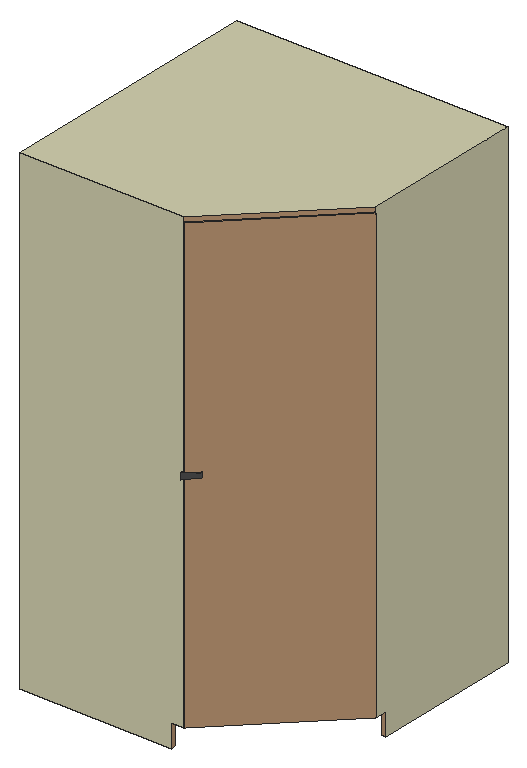
Revit family "Cabinet_Wenger_UltraStor_41", category Furniture, Revit 2015
Parameters (values of type "Wood Door")
  URL = "https://www.wengercorp.com/"
  Type Comments = ""
  Toe Kick Height = 0' - 4"
  Toe Kick Depth = 0' - 2 1/4"
  Specification = "http://www.arcat.com/sdspecs/htm04/12_35_83wen.htm"
  Sales Information = "https://www.wengercorp.com/contact-us.php"
  Rear Panel Thickness = 0' - 0 3/4"
  RH End Panel [instance] = no
  Revision = "R1_2018-04"
  Product Data = "http://www.arcat.com/arcatcos/cos36/arc36487.html"
  End Panel Material = Wenger Cherry (Use Cherry Edge Band Only)
  Model = "#41"
  Manufacturer Website = "https://www.wengercorp.com/"
  Manufacturer Phone - Toll Free = "800-4WENGER"
  Manufacturer Phone = "(507) 455-4100"
  Manufacturer Fax = "(507) 455-4258"
  Manufacturer Address = "555 Park Dr., Owatonna, MN 55060"
  Manufacturer = "Wenger Corporation"
  LH End Panel [instance] = no
  Keynote = "12 35 83"
  Interior [instance] = Option : Flag
  HasDoors = yes
  Green Building-LEED = "http://www.arcat.com/green/clients/leed_data_36487.html"
  Edge Banding Material [instance] = Wenger Cherry (Use Cherry Edge Band Only)
  Drawn By = "Sumex Design, Inc. / Robert S. Weygant, CSI, CDT, SCIP"
  Door Style = Door_FullHt : Solid Door
  Door Material [instance] = Wenger Cherry (Use Cherry Edge Band Only)
  Description = "Wenger UltraStor Cabinet #41 - Comp Wood Doors"
  Cost = 0
  Copyright = "© 2018 Arcat Inc."
  Construction Details = "http://www.arcat.com/details/wengerco/wengerco.html?coid=36487"
  Cabinet Width = 4' - 0 1/4"
  Cabinet Height = 7' - 1 5/8"
  Installed Depth = 4' - 0 1/4"
  Body Material [instance] = Wenger - Oyster
  Assembly Code = "E2010200"
Types (4): name | End Panel Material | HasDoors | Door Style | Door Material | Description | Cabinet Width
  Wood Door | Wenger Cherry (Use Cherry Edge Band Only) | yes | Door_FullHt : Solid Door | Wenger Cherry (Use Cherry Edge Band Only) | "Wenger UltraStor Cabinet #41 - Comp Wood Doors" | 4' - 0 1/4"
  Grille Door | Wenger Cherry (Use Cherry Edge Band Only) | yes | Door_FullHt : Bars | Painted Black | "Wenger UltraStor Cabinet #41 - Comp Grille Doors" | 4' - 0 1/4"
  No Door | Wenger Cherry (Use Cherry Edge Band Only) | no | Door_FullHt : Solid Door | none | "Wenger UltraStor Cabinet #41 - No Doors" | 4' - 0 1/2"
  Waterfall Grille Door | none | yes | Door_FullHt : Waterfall | Painted Black | "Wenger UltraStor Cabinet #41 - Comp Waterfall Grille Doors" | 4' - 0 1/2"
Reference planes (in)
  plane 1 "Center Front/Back": y = 0
  plane 2: z = 0
  plane 3 "Center Left/Right": x = 0
  plane 4: y = 0.75
  plane 5: x = 0.75
  plane 6: y = -46.75
  plane 7 "LeftPnl": y = -47.5
  plane 8 "RtPnl": x = 48.25
  plane 9: x = 47.5
  plane 10: x = 29.25
  plane 11: y = -28.5
  plane 12: z = 85.625
  plane 13: z = 84.875
  plane 14: z = 9.25
  plane 15: z = 57.25
  plane 16: z = 4
  plane 17 "Door": through (29.25, -47.72953, 48) normal (-0.7071, 0.7071, 0)
  plane 18: y = -48.25
  plane 19: x = 49
Forms (in)
  Extrusion 1, solid, material "Wenger - Oyster" <- "Body Material"
    sketch origin (0, 0, 0) x (1, 0, 0) y (0, 1, 0)
      loop
        line (29.22953, -47.5) -> (48.25, -28.47953) -> (48.25, 0.75) -> (0, 0.75) -> (0, -47.5) -> (29.22953, -47.5)
    from 0 to 85.625
  Extrusion 2, void
    sketch origin (0, 0, 0) x (1, 0, 0) y (0, 1, 0)
      loop
        line (0.75, 0) -> (0.75, -46.75) -> (28.5, -46.75) -> (29.25, -47.5) -> (48.25, -47.5) -> (48.25, -28.5) -> (47.5, -27.75) -> (47.5, 0) -> (0.75, 0)
    from 0 to 84.875
  Extrusion 3, void
    sketch origin (0, 0, 0) x (1, 0, 0) y (0, 1, 0)
      loop
        line (48.25, -47.5) -> (48.25, -26.25) -> (27, -26.25) -> (27, -47.5) -> (48.25, -47.5)
    from 0 to 4
  Extrusion 4, solid, material "Wenger Cherry (Use Cherry Edge Band Only)" <- "End Panel Material", visible <- "LH End Panel"
    sketch origin (0, -47.5, 0) x (-1, 0, 0) y (0, 0, 1)
      loop
        line (0, 85.625) -> (-29.25, 85.625) -> (-29.25, 4) -> (-27, 4) -> (-27, 0) -> (0, 0) -> (0, 85.625)
    from 0 to -0.75
  Extrusion 5, solid, material "Wenger Cherry (Use Cherry Edge Band Only)" <- "End Panel Material", visible <- "RH End Panel"
    sketch origin (48.25, 0, 0) x (0, 1, 0) y (0, 0, 1)
      loop
        line (-28.5, 85.625) -> (-28.5, 4) -> (-26.25, 4) -> (-26.25, 0) -> (0.75, 0) -> (0.75, 85.625) -> (-28.5, 85.625)
    from 0 to 0.75
Cuts and joins
  Extrusion 2, Extrusion 3 cuts Extrusion 1
Lines and regions (in)
  Masking region 1
    outline origin (0, 0, 85.625) x (1, 0, 0) y (0, 1, 0)
      loop
        line (0, -47.5) -> (29.22953, -47.5) -> (48.25, -28.47953) -> (48.25, 0.75) -> (0, 0.75) -> (0, -47.5)
  Masking region 2, visible <- "RH End Panel"
    outline origin (0, 0, 85.625) x (1, 0, 0) y (0, 1, 0)
      loop
        line (48.25, 0.75) -> (48.25, -28.5) -> (49, -28.5) -> (49, 0.75) -> (48.25, 0.75)
  Masking region 3, visible <- "LH End Panel"
    outline origin (0, 0, 85.625) x (1, 0, 0) y (0, 1, 0)
      loop
        line (0, -47.5) -> (0, -48.25) -> (29.25, -48.25) -> (29.25, -47.5) -> (0, -47.5)
Dimensions and locks (in)
  "Installed Depth": plane 4 to plane 7 "LeftPnl"
  "Cabinet Width": plane 3 "Center Left/Right" to plane 8 "RtPnl"
  locked: plane 9 to plane 8 "RtPnl" at 0.75
  locked: plane 4 to plane 1 "Center Front/Back" at 0.75
  locked: plane 3 "Center Left/Right" to plane 5 at 0.75
  locked: plane 6 to plane 7 "LeftPnl" at 0.75
  locked: plane 3 "Center Left/Right" to plane 10 at 29.25
  locked: plane 4 to plane 11 at 29.25
  "Cabinet Height": plane 12 to plane 2
  locked: plane 12 to plane 13 at 0.75
  locked: plane 14 to plane 2 at 9.25
  locked: plane 15 to plane 2 at 57.25
  "Toe Kick Height": plane 16 to level
  "Toe Kick Depth": Extrusion 3 sketch curve to plane 11
  "Toe Kick Depth": Extrusion 3 sketch curve to plane 10
  equal spacing: plane 3 "Center Left/Right", nested 1, plane 8 "RtPnl"
  equal spacing: plane 4, nested 1, plane 7 "LeftPnl"
  locked: Extrusion 2 sketch curve to plane 11 at 0.75
  locked: plane 7 "LeftPnl" to plane 18 at 0.75
  locked: plane 8 "RtPnl" to plane 19 at 0.75
  angle Extrusion 1 sketch curve to Extrusion 1 sketch curve = 135.00°
  aligned and locked: plane 8 "RtPnl" to Extrusion 1
  aligned and locked: plane 4 to Extrusion 1
  aligned and locked: Extrusion 1 to plane 3 "Center Left/Right"
  aligned and locked: Extrusion 1 to plane 7 "LeftPnl"
  aligned and locked: plane 12 to Extrusion 1
  aligned and locked: Extrusion 2 to plane 9
  aligned and locked: Extrusion 2 to plane 1 "Center Front/Back"
  aligned and locked: plane 5 to Extrusion 2
  aligned and locked: Extrusion 2 to plane 6
  aligned and locked: plane 13 to Extrusion 2
  aligned and locked: Extrusion 2 to plane 8 "RtPnl"
  aligned and locked: Extrusion 2 to plane 7 "LeftPnl"
  aligned and locked: Extrusion 3 sketch curve to plane 7 "LeftPnl"
  aligned and locked: Extrusion 3 sketch curve to plane 8 "RtPnl"
  aligned and locked: plane 16 to Extrusion 3
  aligned and locked: nested 3 to plane 13
  aligned and locked: nested 3 to plane 16
  aligned and locked: nested 3 to cut or joined group of Extrusion 1, Extrusion 2, Extrusion 3  (x2)
  aligned and locked: Masking region 1 sketch curve to plane 4
  aligned and locked: plane 3 "Center Left/Right" to Masking region 1 sketch curve
  aligned and locked: plane 7 "LeftPnl" to Masking region 1 sketch curve
  aligned and locked: Masking region 1 sketch curve to plane 8 "RtPnl"
  aligned and locked: Extrusion 4 sketch curve to plane 3 "Center Left/Right"
  aligned and locked: plane 12 to Extrusion 4 sketch curve
  aligned and locked: Extrusion 4 sketch curve to plane 10
  aligned and locked: Extrusion 4 sketch curve to level
  aligned and locked: Extrusion 4 sketch curve to plane 16
  aligned and locked: Extrusion 4 to plane 18
  aligned and locked: plane 12 to Extrusion 5 sketch curve
  aligned and locked: plane 4 to Extrusion 5 sketch curve
  aligned and locked: Extrusion 5 sketch curve to plane 11
  aligned and locked: Extrusion 5 sketch curve to level
  aligned and locked: Extrusion 5 sketch curve to plane 16
  aligned and locked: Extrusion 5 sketch curve to cut or joined group of Extrusion 1, Extrusion 2, Extrusion 3
  aligned and locked: plane 19 to Extrusion 5
  aligned and locked: Masking region 2 sketch curve to plane 4
  aligned and locked: plane 8 "RtPnl" to Masking region 2 sketch curve
  aligned and locked: Masking region 2 sketch curve to plane 19
  aligned and locked: plane 11 to Masking region 2 sketch curve
  aligned and locked: Masking region 3 sketch curve to plane 7 "LeftPnl"
  aligned and locked: plane 18 to Masking region 3 sketch curve
  aligned and locked: plane 10 to Masking region 3 sketch curve
  aligned and locked: plane 3 "Center Left/Right" to Masking region 3 sketch curve
Automatic sketch dimensions
  Extrusion 1 sketch curve to plane 3 "Center Left/Right" = 0' - 0"
  Extrusion 1 sketch curve to plane 7 "LeftPnl" = 0' - 0"
  Extrusion 1 sketch curve to plane 8 "RtPnl" = 0' - 0"
  Extrusion 1 sketch curve to plane 4 = 0' - 0"
  plane 10 to Extrusion 1 sketch curve = 0' - 0.02047"
  Extrusion 2 sketch curve to plane 5 = 0' - 0"
  Extrusion 2 sketch curve to plane 6 = 0' - 0"
  Extrusion 2 sketch curve to plane 7 "LeftPnl" = 0' - 0"
  Extrusion 2 sketch curve to plane 10 = 0' - 0"
  plane 1 "Center Front/Back" to Extrusion 2 sketch curve = 0' - 0"
  Extrusion 2 sketch curve to plane 9 = 0' - 0"
  Extrusion 2 sketch curve to plane 8 "RtPnl" = 0' - 0"
  Extrusion 2 sketch curve to plane 11 = 0' - 0"
  plane 10 to Extrusion 2 sketch curve = 0' - 0 3/4"
  Extrusion 1 to Masking region 1 sketch curve = 0' - 0"  (x2)
  Extrusion 4 sketch curve to Extrusion 4 sketch curve = 0' - 2 1/4"
Nested families (in)
  nested 1: "Labels" at (24.125, -23.375, 0), type "Labels"
  nested 2: "Plan No Shelf" at (24.5266, -25, 0), type "Plan No Shelf"
  nested 3: "Door_FullHt" at (38.86476, -38.11476, 84.875) x (-0.7071, -0.7071, 0) z (0.7071, -0.7071, 0), type <- "Door Style", visible <- "HasDoors", type "Solid Door"
    with vBars 25, Width 2' - 2.89901", ToeKick Height 0' - 4", MidBar no, Height 6' - 8 7/8", HalfHt 3' - 4 3/16", BarHt 6' - 8 3/8", 2HzBars no
Definition of nested family "Door_FullHt"
  Parameters (values of type "Waterfall")
    vBars [instance] = (Width - 0' 2") / 0' 1"  # 6
    Width [instance] = 0' - 8"
    ToeKick Height [instance] = 0' - 4"
    Thickness = 0' - 0 3/4"
    Solid Door = no
    Shelf Thickness = 0' - 0 3/4"
    Panel Thickness = 0' - 0 3/4"
    MidBar [instance] = and(Height > 3' 6", HasDoor, not(Solid Door))  # no
    Height [instance] = 1' - 2 5/8"
    HasDoor = yes
    HalfHt [instance] = Height / 2 - 0' 0 1/4"  # 0' - 7 1/16"
    Edge Banding = none
    DoorGap = 0' - 0 1/8"
    Door Finish = none
    Depth = 2' - 0"
    Default Elevation = 4' - 0"
    Bars = yes
    BarStyle = Bars : Waterfall
    BarHt [instance] = Height - 0' 0 1/2"  # 1' - 2 1/8"
    2HzBars [instance] = and(Height > 1' 6", not(Solid Door))  # no
  Types (3): name | Thickness | Solid Door | Bars | BarStyle
    Solid Door | 0' - 0 3/4" | yes | no | Bars : Waterfall
    Bars | 0' - 0 1/4" | no | yes | Bars : Straight
    Waterfall | 0' - 0 3/4" | no | yes | Bars : Waterfall
  Reference planes (in)
    plane 1 "Center (Front/Back)": y = 0
    plane 2: z = 0
    plane 3 "Center (Left/Right)": x = 0
    plane 4: x = -4
    plane 5: y = 14.625
    plane 6: x = 4
    plane 7: z = -0.75
    plane 8: x = -3.875
    plane 9: x = 3.875
    plane 10: y = 0.125
    plane 11: y = 14.5
    plane 12: y = -0.75
    plane 13 "CL Elev": y = 7.3125
    plane 14: x = -3.75
    plane 15: x = 3.75
    plane 16 "BtmRail": y = 0.25
    plane 17: y = 14.375
    plane 18: z = -0.125
    plane 19: x = -2.75
    plane 20: x = 2.75
    plane 21: y = 10.96875
    plane 22: y = 3.65625
  Forms (in)
    Extrusion 1, solid, material <- "Door Finish", visible <- "Solid Door", detail levels medium+fine
      sketch origin (0, 0, 0) x (1, 0, 0) y (0, 1, 0)
        loop
          arc (-3.75, 14.5) -> (-3.83839, 14.46339) -> (-3.875, 14.375) r 0.125
          line (-3.875, 14.375) -> (-3.875, 0.25)
          arc (-3.875, 0.25) -> (-3.83839, 0.16161) -> (-3.75, 0.125) r 0.125
          line (-3.75, 0.125) -> (3.75, 0.125)
          arc (3.75, 0.125) -> (3.83839, 0.16161) -> (3.875, 0.25) r 0.125
          line (3.875, 0.25) -> (3.875, 14.375)
          arc (3.875, 14.375) -> (3.83839, 14.46339) -> (3.75, 14.5) r 0.125
          line (3.75, 14.5) -> (-3.75, 14.5)
      from 0 to -0.75
    Sweep 2, solid, material <- "Door Finish", visible <- "Bars", detail levels medium+fine
      path origin (0, 0, 0) x (1, 0, 0) y (0, 1, 0)
        loop
          arc (-3.125, 14.5) -> (-3.65533, 14.28033) -> (-3.875, 13.75) r 0.75
          line (-3.875, 13.75) -> (-3.875, 0.875)
          arc (-3.875, 0.875) -> (-3.65533, 0.34467) -> (-3.125, 0.125) r 0.75
          line (-3.125, 0.125) -> (3.125, 0.125)
          arc (3.125, 0.125) -> (3.65533, 0.34467) -> (3.875, 0.875) r 0.75
          line (3.875, 0.875) -> (3.875, 13.75)
          arc (3.875, 13.75) -> (3.65533, 14.28033) -> (3.125, 14.5) r 0.75
          line (3.125, 14.5) -> (-3.125, 14.5)
      profile origin (0, 14.5, 0) x (0, 1, 0) y (0, 0, 1)
        loop
          circle (-0.125, -0.125) r 0.125
    Extrusion 3, solid, material <- "Door Finish", visible <- "MidBar", detail levels medium+fine
      sketch origin (0, 0, 0) x (0, 1, 0) y (0, 0, 1)
        loop
          circle (7.3125, -0.125) r 0.125
      from -3.75 to 3.75
    Extrusion 4, solid, visible <- "HasDoor", detail levels fine
      sketch origin (0, 0, 0) x (1, 0, 0) y (0, 1, 0)
        loop
          line (1.5, 7.8125) -> (1.5, 6.8125) -> (4.5, 6.8125) -> (4.5, 7.8125) -> (1.5, 7.8125)
      from 0 to 0.125
    Extrusion 5, solid, material <- "Door Finish", visible <- "2HzBars", detail levels medium+fine
      sketch origin (0, 0, 0) x (0, 1, 0) y (0, 0, 1)
        loop
          circle (10.96875, -0.125) r 0.125
        loop
          circle (3.65625, -0.125) r 0.125
      from -3.75 to 3.75
  Lines and regions (in)
    symbolic lines, visible <- "HasDoor", detail levels medium+fine
      curve 1: line (4, 0.25, 0) -> (-4, 0.25, 0)
      curve 2: line (-4, 0.25, 0) -> (-4, 0.25, 8)
      curve 3: arc (4, 0.25, 0) -> (1.65685, 0.25, 5.65685) -> (-4, 0.25, 8) r 8
    symbolic lines, visible <- "HasDoor"
      curve 4: line (3.875, 0.25, 0) -> (3.875, 0.25, -0.75)
      curve 5: line (3.875, 0.25, -0.75) -> (-3.875, 0.25, -0.75)
      curve 6: line (-3.875, 0.25, -0.75) -> (-3.875, 0.25, 0)
    symbolic lines, detail levels medium
      curve 7: line (3.875, 14.5, 0) -> (-3.875, 7.3125, 0)
      curve 8: line (-3.875, 7.3125, 0) -> (3.875, 0.125, 0)
  Dimensions and locks (in)
    "Height": plane 1 "Center (Front/Back)" to plane 5
    "Thickness": level to plane 7
    equal spacing: plane 4, plane 3 "Center (Left/Right)", plane 6
    "Width": plane 4 to plane 6
    "DoorGap": plane 5 to plane 11
    "DoorGap": plane 9 to plane 6
    "DoorGap": plane 4 to plane 8
    "DoorGap": plane 1 "Center (Front/Back)" to plane 10
    "Shelf Thickness": plane 1 "Center (Front/Back)" to plane 12
    equal spacing: plane 1 "Center (Front/Back)", plane 22, plane 13 "CL Elev", plane 21, plane 5
    locked: plane 15 to plane 9 at 0.125
    locked: plane 8 to plane 14 at 0.125
    locked: plane 11 to plane 17 at 0.125
    locked: plane 16 "BtmRail" to plane 10 at 0.125
    locked: level to plane 18 at 0.125
    plane 19 to plane 14 = 0' - 1"
    locked: plane 15 to plane 20 at 1
    Extrusion 4 sketch curve to plane 13 "CL Elev" to Extrusion 4 sketch curve = 0' - 0 1/2" locked, 0' - 0 1/2" locked
    locked: plane 6 to Extrusion 4 sketch curve at 0.5
    locked: Extrusion 4 sketch curve to plane 6 at 2.5
    locked: Extrusion 4 to level at 0.125
    equal spacing: group 1, group 3, group 4, group 5, group 6, group 2  (x3)
    equal spacing: group 7, group 9, group 10, group 11, group 12, group 8  (x2)
    equal spacing: group 8, group 12, group 11, group 10, group 9, group 7
    "Width": radius of curve 3
    aligned and locked: plane 2 to level
    aligned and locked: Extrusion 1 sketch curve to plane 11
    aligned and locked: plane 8 to Extrusion 1 sketch curve
    aligned and locked: Extrusion 1 sketch curve to plane 9
    aligned and locked: plane 10 to Extrusion 1 sketch curve
    aligned and locked: Extrusion 1 to plane 7
    aligned and locked: level to Extrusion 1
    aligned and locked: Sweep 2 sketch curve to plane 11
    aligned and locked: plane 8 to Sweep 2 sketch curve
    aligned and locked: plane 10 to Sweep 2 sketch curve
    aligned and locked: Sweep 2 sketch curve to plane 9
    aligned and locked: plane 15 to Extrusion 3
    aligned and locked: Extrusion 3 to plane 14
    aligned and locked: plane 20 to nested 2
    aligned and locked: plane 19 to nested 1
    aligned and locked: plane 21 to Extrusion 5 sketch curve
    aligned and locked: plane 18 to Extrusion 5 sketch curve  (x2)
    aligned and locked: plane 22 to Extrusion 5 sketch curve
    aligned and locked: Extrusion 5 to Extrusion 3  (x2)
    aligned and locked: plane 4 to curve 3  (x2)
    aligned and locked: level to curve 3
    aligned and locked: plane 7 to curve 5
    aligned and locked: Extrusion 1 to plane 8
    aligned and locked: plane 9 to Extrusion 1
    aligned and locked: plane 10 to curve 8
    aligned and locked: plane 9 to curve 8
    aligned and locked: plane 13 "CL Elev" to curve 8
    aligned and locked: plane 11 to curve 7
    aligned and locked: plane 9 to curve 7
    aligned and locked: plane 19 to nested 7
    aligned and locked: plane 13 "CL Elev" to nested 7
    aligned and locked: plane 20 to nested 8
    aligned and locked: plane 13 "CL Elev" to nested 8
    aligned and locked: plane 18 to nested 7
    aligned and locked: plane 18 to nested 9
  Automatic sketch dimensions
    plane 8 to Sweep 2 sketch curve = 0' - 0 3/4"  (x2)
    Sweep 2 sketch curve to plane 9 = 0' - 0 3/4"
    Sweep 2 sketch curve to Sweep 2 sketch curve = 0' - 0 3/4"
    Sweep 2 sketch curve to level = 0' - 0 1/8"
    profile plane to Sweep 2 sketch curve = 0' - 0 1/8"
    Extrusion 3 sketch curve to level = 0' - 0 1/8"
    Extrusion 3 sketch curve to plane 13 "CL Elev" = 0' - 0"
    curve 8 to plane 8 = 0' - 0"
    Extrusion 1 sketch curve to plane 14 = 0' - 0"  (x2)
    Extrusion 1 sketch curve to plane 15 = 0' - 0"  (x2)
    curve 5 to plane 9 = 0' - 0"
    curve 6 to plane 8 = 0' - 0"
    radius of Sweep 2 sketch curve = 0' - 0 1/8"
    radius of Extrusion 3 sketch curve = 0' - 0 1/8"
    radius of Extrusion 5 sketch curve = 0' - 0 1/8"  (x2)
  Nested families (in)
    nested 1: "Bars" at (-2.75, 0.25, -0.125) x (1, 0, 0) z (0, 1, 0), type <- "BarStyle", visible <- "Bars", type "Waterfall", detail levels fine
    nested 2: "Bars" at (2.75, 0.25, -0.125) x (1, 0, 0) z (0, 1, 0), type <- "BarStyle", visible <- "Bars", type "Waterfall", detail levels fine
    nested 3: "Bars" at (-1.65, 0.25, -0.125) x (1, 0, 0) z (0, 1, 0), type <- "BarStyle", visible <- "Bars", type "Waterfall", detail levels fine
    nested 4: "Bars" at (-0.55, 0.25, -0.125) x (1, 0, 0) z (0, 1, 0), type <- "BarStyle", visible <- "Bars", type "Waterfall", detail levels fine
    nested 5: "Bars" at (0.55, 0.25, -0.125) x (1, 0, 0) z (0, 1, 0), type <- "BarStyle", visible <- "Bars", type "Waterfall", detail levels fine
    nested 6: "Bars" at (1.65, 0.25, -0.125) x (1, 0, 0) z (0, 1, 0), type <- "BarStyle", visible <- "Bars", type "Waterfall", detail levels fine
    nested 7: "Bars" at (-2.75, 7.3125, -0.125) x (1, 0, 0) z (0, 1, 0), type <- "BarStyle", visible <- "Bars", type "Waterfall"
    nested 8: "Bars" at (2.75, 7.3125, -0.125) x (1, 0, 0) z (0, 1, 0), type <- "BarStyle", visible <- "Bars", type "Waterfall"
    nested 9: "Bars" at (-1.65, 7.3125, -0.125) x (1, 0, 0) z (0, 1, 0), type <- "BarStyle", visible <- "Bars", type "Waterfall"
    nested 10: "Bars" at (-0.55, 7.3125, -0.125) x (1, 0, 0) z (0, 1, 0), type <- "BarStyle", visible <- "Bars", type "Waterfall"
    nested 11: "Bars" at (0.55, 7.3125, -0.125) x (1, 0, 0) z (0, 1, 0), type <- "BarStyle", visible <- "Bars", type "Waterfall"
    nested 12: "Bars" at (1.65, 7.3125, -0.125) x (1, 0, 0) z (0, 1, 0), type <- "BarStyle", visible <- "Bars", type "Waterfall"
  Definition of nested family "Bars"
    Parameters (values of type "Straight")
      WaterFall = no
      Straight = yes
      Lateral Deviation = 0' - 1"
      Height = 0' - 7 1/16"
      Default Elevation = 4' - 0"
      Bars = none
    Types (2): name | WaterFall | Straight
      Waterfall | yes | no
      Straight | no | yes
    Reference planes (in)
      plane 1 "Center (Front/Back)": y = 0
      plane 2: z = 0
      plane 3 "Center (Left/Right)": x = 0
      plane 4: z = 7.0625
      plane 5: z = 3.53125
      plane 6: x = 0.5
      plane 7: x = -0.5
      plane 8: z = 5.29687
      plane 9: z = 1.76562
    Forms (in)
      Sweep 1, solid, material <- "Bars", visible <- "WaterFall", detail levels fine
        path origin (0, 0, 0) x (1, 0, 0) y (0, 0, 1)
          loop
            arc (0, 0) -> (0.37259, 0.8481) -> (0.5, 1.76563) r 3.36743
            arc (0.5, 1.76563) -> (0.37259, 2.68315) -> (0, 3.53125) r 3.36743
        profile origin (0.37259, 0, 0.8481) x (-0.962164, 0, 0.272471) y (0, -1, 0)
          loop
            circle (0, 0) r 0.0625
      Sweep 2, solid, material <- "Bars", visible <- "WaterFall", detail levels fine
        path origin (0, 0, 14.625) x (-1, 0, 0) y (0, 0, -1)
          loop
            arc (0, 7.5625) -> (0.37259, 8.4106) -> (0.5, 9.32812) r 3.36743
            arc (0.5, 9.32812) -> (0.37259, 10.24565) -> (0, 11.09375) r 3.36743
        profile origin (-0.37259, 0, 6.2144) x (0.962164, 0, -0.272471) y (0, -1, 0)
          loop
            circle (0, 0) r 0.0625
      Extrusion 3, solid, material <- "Bars", visible <- "Straight", detail levels fine
        sketch origin (0, 0, 0) x (1, 0, 0) y (0, 1, 0)
          loop
            circle (0, 0) r 0.0625
        from 0 to 7.0625
    Dimensions and locks (in)
      "Height": plane 4 to level
      equal spacing: plane 6, plane 3 "Center (Left/Right)", plane 7
      "Lateral Deviation": plane 6 to plane 7
      equal spacing: plane 4, plane 8, plane 5, plane 9, level
      aligned and locked: plane 2 to level
      aligned and locked: plane 3 "Center (Left/Right)" to Sweep 1 sketch curve  (x2)
      aligned and locked: level to Sweep 1 sketch curve
      aligned and locked: plane 6 to Sweep 1 sketch curve
      aligned and locked: plane 9 to Sweep 1 sketch curve
      aligned and locked: plane 4 to Sweep 2 sketch curve
      aligned and locked: plane 3 "Center (Left/Right)" to Sweep 2 sketch curve  (x2)
      aligned and locked: plane 8 to Sweep 2 sketch curve
      aligned and locked: plane 7 to Sweep 2 sketch curve
      aligned and locked: plane 5 to Sweep 2 sketch curve
      aligned and locked: plane 4 to Extrusion 3
      aligned and locked: Extrusion 3 to level
    Automatic sketch dimensions
      plane 1 "Center (Front/Back)" to Sweep 1 sketch curve = 0' - 0"
      Sweep 1 sketch curve to profile plane = 0' - 0"
      Sweep 1 sketch curve to Sweep 1 sketch curve = 0' - 0"
      Sweep 2 sketch curve to plane 1 "Center (Front/Back)" = 0' - 0"
      Sweep 2 sketch curve to profile plane = 0' - 0"
      plane 1 "Center (Front/Back)" to Extrusion 3 sketch curve = 0' - 0"
      Extrusion 3 sketch curve to plane 3 "Center (Left/Right)" = 0' - 0"
      radius of Sweep 1 sketch curve = 0' - 0 1/16"
      radius of Sweep 2 sketch curve = 0' - 0 1/16"
      radius of Extrusion 3 sketch curve = 0' - 0 1/16"
Definition of nested family "Labels"
  Parameters
    Cabinet Label = "01"
  Reference planes (in)
    plane 1: y = 0
    plane 2: x = 0
  Text (in)
    label "xxxx" at (-0.00018, 0.00754, 0), shows "Cabinet Label"
Definition of nested family "Plan No Shelf"
  Reference planes (in)
    plane 1 "Center Front/Back": y = 0
    plane 2: z = 0
    plane 3 "Center Left/Right": x = 0
